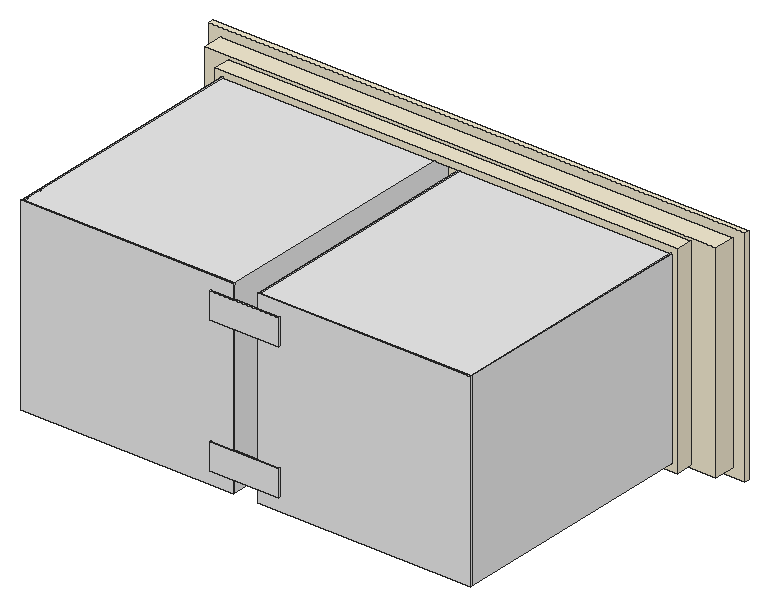
Revit family "4C-3_Door_High_Units_FL.rfa", category Specialty Equipment, host Wall, Revit 2016
Family settings
  Host = Wall
  Part Type = Normal
  Round Connector Dimension = Use Diameter
  Always vertical = Yes
  Cut with Voids When Loaded = No
  Shared = No
  Room Calculation Point = No
Parameters (values of type "3703D-04 FL")
  Width = 31.09766"
  Visible Door Number [instance] = yes
  Vertical Center Divider = yes
  Version = "2.0 (08/09/16)"
  Type Comments = "4C Standard Horizontal Mailbox - Front Loading"
  Top Back Plate = yes
  Right Inside Wall = yes
  Model = "3703D-04 FL"
  MasterFormat Title = "Postal Specialties"
  MasterFormat Number = "10 55 00"
  Manufacturer = "Salsbury Industries"
  Lock Material = Stainless Steel -Salsbury Finish =  Polished
  Left Inside Wall = yes
  Latch Lock - Right Side = no
  Latch Lock - Left Side = no
  Latch Alignment = 14.85742"
  Keynote = ""
  Height = 12.970"
  Front Panel Material [instance] = Aluminum - Salsbury Finish = Sandstone
  Door Slot R3 Number [instance] = "0"
  Door Slot R3 = 3700 Series 4C OM2 Configuration : OM2-FL
  Door Slot R2 Number [instance] = "0"
  Door Slot R2 = 3700 Series 4C Door Configurations : Empty
  Door Slot R1 Number [instance] = "4"
  Door Slot R1 = 3700 Series 4C Door Configurations : MB1 Door
  Door Slot L3 Number [instance] = "3"
  Door Slot L3 = 3700 Series 4C Door Configurations : MB1 Door w/ Divider
  Door Slot L2 Number [instance] = "2"
  Door Slot L2 = 3700 Series 4C Door Configurations : MB1 Door w/ Divider
  Door Slot L1 Number [instance] = "1"
  Door Slot L1 = 3700 Series 4C Door Configurations : MB1 Door
  Description = "3 Door High Unit: 4 MB1, OM2"
  Depth = 17.025"
  Center Extrusion Offset [instance] = 0.000"
  Bottom Back Plate = yes
  Back Enclosure Material = Aluminum - Salsbury Finish = Anodized
  Assembly Code = "C1030910"
  Above Finished Floor (AFF-Bottom of Unit) [instance] = 26.683"
  Above Finished Floor (AFF-Bottom of Door) [instance] = 28.000"
Reference planes (in)
  plane 1 "Wall Centerline": y = 0
  plane 2 "Center (Left/Right)": x = 0
  plane 3 "Front": y = 3
  plane 4 "15" AFF": z = 28
  plane 5 "28" AFF": z = 28
  plane 6 "36" AFF": z = 36
  plane 7 "48" AFF": z = 48
  plane 8 "Bottom of Unit": z = 26.683
  plane 9 "Top of Unit": z = 39.653
  plane 10 "Left Side of Unit": x = 15.54883
  plane 11 "Right Side of Unit": x = -15.54883
  plane 12 "28" AFF_Bottom of Unit": z = 26.683
  plane 13 "Top Horiz Trim Align": z = 38.82225
  plane 14 "Bottom Horiz Trim Align": z = 27.515
  plane 15 "Left Trim Align": x = 14.716
  plane 16 "Right Trim Align": x = -14.716
  plane 17 "Left Door Align": x = 14.06641
  plane 18 "Right Door Align": x = -14.06641
  plane 19 "Top Horiz Door Align": z = 38.23125
  plane 20 "Bottom Horiz Door Align": z = 28
  plane 21 "Front Face of Unit": y = 3.265
  plane 22 "Top Housing Align": z = 39.149
  plane 23 "Top Collar Align": z = 39.001
  plane 24 "Top Box Align": z = 38.646
  plane 25 "Vertical Housing Align": y = 1.795
  plane 26 "Vertical Collar Align": y = 0.795
  plane 27 "Back of Unit": y = -13.76
  plane 28 "Bottom Housing Align": z = 27.187
  plane 29 "Bottom Collar Align": z = 27.335
  plane 30 "Bottom Box Align": z = 27.75
  plane 31 "Door Alignment": y = 2.66809
  plane 32 "Right Housing Align": x = -14.84183
  plane 33 "Right Collar Align": x = -13.40883
  plane 34 "Right Box Side Align": x = -13.08083
  plane 35 "Left Housing Align": x = 14.84183
  plane 36 "Left Collar Align": x = 13.40883
  plane 37 "Left Side Box Align": x = 13.08083
  plane 38 "Top Back Plate Align": z = 37.867
  plane 39 "Back": y = -3
  plane 40 "RO Left Side": x = 15.17383
  plane 41 "RO Right Side": x = -15.17383
  plane 42 "RO Bottom": z = 27.058
  plane 43 "RO Top": z = 39.278
  plane 44 "Horiz Centerline": z = 42.04237
  plane 45: x = 12.99983
  plane 46: x = 12.92758
  plane 47 "Center Extrusion": x = 0
  plane 48 "Center Extrusion Offset": x = 0
  plane 49 "Row 3 Top Align": z = 31.5
  plane 50 "Row 2 Top Align": z = 35
  plane 51 "Top of base shelf": z = 28.41625
  plane 52 "base shelf void": z = 28.23439
  plane 53: z = 29.999
  plane 54: z = 28.499
  plane 55 "bottom of base shelf": z = 27.88469
  plane 56 "Right Latch Align": x = -0.69141
  plane 57 "Left Latch Align": x = 0.69141
  plane 58 "Center Latch Align": z = 33.3
Forms (in)
  Extrusion 1, void
    sketch origin (0, 3, 0) x (1, 0, 0) y (0, 0, 1)
      loop
        line (15.17383, 39.278) -> (-15.17383, 39.278) -> (-15.17383, 27.058) -> (15.17383, 27.058) -> (15.17383, 39.278)
    from 0 to 15.27914
  Extrusion 2, solid, material "Aluminum - Salsbury Finish = Sandstone" <- "Front Panel Material"
    sketch origin (0, 3, 0) x (1, 0, 0) y (0, 0, 1)
      loop
        line (15.54883, 39.653) -> (-15.54883, 39.653) -> (-15.54883, 26.683) -> (15.54883, 26.683) -> (15.54883, 39.653)
    from -0.265 to 0
  Extrusion 3, void
    sketch origin (0, 3.265, 0.00774) x (0, 0, -1) y (-1, 0, 0)
      loop
        line (-38.81451, -14.716) -> (-27.50726, -14.716) -> (-27.50726, 14.716) -> (-38.81451, 14.716) -> (-38.81451, -14.716)
    from -0.265 to 0
  Extrusion 4, solid, material "Aluminum - Salsbury Finish = Sandstone" <- "Front Panel Material"
    sketch origin (14.98214, 3.265, -1.67978) x (0, 0, -1) y (-1, 0, 0)
      loop
        line (-40.50203, 29.69814) -> (-40.50203, 29.04855) -> (-29.19478, 29.04855) -> (-29.19478, 29.69814) -> (-40.50203, 29.69814)
    from 0 to -0.265
  Extrusion 5, solid, material "Aluminum - Salsbury Finish = Sandstone" <- "Front Panel Material"
    sketch origin (0, 3.265, 84.08475) x (0, 0, 1) y (1, 0, 0)
      loop
        line (-56.56975, 14.06641) -> (-56.56975, -14.06641) -> (-56.08475, -14.06641) -> (-56.08475, 14.06641) -> (-56.56975, 14.06641)
    from -0.265 to 0
  Extrusion 6, solid, material "Aluminum - Salsbury Finish = Sandstone" <- "Front Panel Material"
    sketch origin (0, 3, 84.08475) x (1, 0, 0) y (0, 0, 1)
      loop
        line (-14.84183, -56.89775) -> (14.84183, -56.89775) -> (14.84183, -44.93575) -> (-14.84183, -44.93575) -> (-14.84183, -56.89775)
    from 0 to 1.205
  Extrusion 7, solid, material "Aluminum - Salsbury Finish = Sandstone" <- "Front Panel Material"
    sketch origin (0, 1.795, 0) x (0, 0, 1) y (-1, 0, 0)
      loop
        line (27.335, 13.40883) -> (27.335, -13.40883) -> (39.001, -13.40883) -> (39.001, 13.40883) -> (27.335, 13.40883)
    from 0 to 1
  Extrusion 8, void
    sketch origin (0, 1.795, 0) x (0, 0, 1) y (-1, 0, 0)
      loop
        line (38.646, 13.08083) -> (27.75, 13.08083) -> (27.75, -13.08083) -> (38.646, -13.08083) -> (38.646, 13.08083)
    from 0 to 1
  Extrusion 9, solid, material "Aluminum - Salsbury Finish = Sandstone" <- "Front Panel Material"
    sketch origin (0, 3.265, 0) x (0, 0, -1) y (-1, 0, 0)
      loop
        line (-38.82225, -14.716) -> (-27.515, -14.716) -> (-27.515, -14.06641) -> (-38.82225, -14.06641) -> (-38.82225, -14.716)
    from 0 to -0.265
  Extrusion 10, solid, material "Aluminum - Salsbury Finish = Sandstone" <- "Front Panel Material"
    sketch origin (0, 3.265, 0) x (0, 0, -1) y (-1, 0, 0)
      loop
        line (-38.82225, -14.06641) -> (-38.23125, -14.06641) -> (-38.23125, 14.06641) -> (-38.82225, 14.06641) -> (-38.82225, -14.06641)
    from -0.265 to 0
  Extrusion 11, void
    sketch origin (0, 1.795, 0) x (0, 0, 1) y (-1, 0, 0)
      loop
        line (39.001, -13.40883) -> (39.001, 13.40883) -> (27.335, 13.40883) -> (27.335, -13.40883) -> (39.001, -13.40883)
    from -1.124 to 0
  Extrusion 12, void
    sketch origin (0, 3, 0) x (1, 0, 0) y (0, 0, 1)
      loop
        line (14.06641, 39.001) -> (-14.06641, 39.001) -> (-14.06641, 27.335) -> (14.06641, 27.335) -> (14.06641, 39.001)
    from 0 to 0.33191
  Extrusion 13, solid, material "Aluminum - Salsbury Finish = Anodized" <- "Back Enclosure Material"
    sketch origin (-0.54283, 1.795, 0) x (0, 0, 1) y (-1, 0, 0)
      loop
        line (38.646, 12.538) -> (27.75, 12.538) -> (27.75, 12.457) -> (38.646, 12.457) -> (38.646, 12.538)
    from 0 to 15.47297
  Extrusion 14, solid, material "Aluminum - Salsbury Finish = Anodized" <- "Back Enclosure Material", visible <- "Right Inside Wall"
    sketch origin (11.7675, 1.795, 0) x (0, 0, 1) y (-1, 0, 0)
      loop
        line (38.646, 12.538) -> (27.75, 12.538) -> (27.75, 12.457) -> (38.646, 12.457) -> (38.646, 12.538)
    from 0 to 15.47297
  Extrusion 15, solid, material "Aluminum - Salsbury Finish = Anodized" <- "Back Enclosure Material"
    sketch origin (0.54283, 1.795, 0) x (0, 0, 1) y (-1, 0, 0)
      loop
        line (38.646, -12.538) -> (38.646, -12.457) -> (27.75, -12.457) -> (27.75, -12.538) -> (38.646, -12.538)
    from 0 to 15.47297
  Extrusion 16, solid, material "Aluminum - Salsbury Finish = Anodized" <- "Back Enclosure Material", visible <- "Left Inside Wall"
    sketch origin (-11.7675, 1.795, 0) x (0, 0, 1) y (-1, 0, 0)
      loop
        line (38.646, -12.538) -> (38.646, -12.457) -> (27.75, -12.457) -> (27.75, -12.538) -> (38.646, -12.538)
    from 0 to 15.47297
  Extrusion 17, solid, material "Aluminum - Salsbury Finish = Anodized" <- "Back Enclosure Material"
    sketch origin (0, -13.76, 0) x (0, 0, 1) y (-1, 0, 0)
      loop
        line (38.646, 13.08083) -> (27.75, 13.08083) -> (27.75, -13.08083) -> (38.646, -13.08083) -> (38.646, 13.08083)
    from -0.08203 to 0
  Extrusion 18, solid, material "Aluminum - Salsbury Finish = Anodized" <- "Back Enclosure Material"
    sketch origin (0, 0, 38.646) x (0, 1, 0) y (-1, 0, 0)
      loop
        line (1.795, 12.99983) -> (-13.67797, 12.99983) -> (-13.67797, -12.99983) -> (1.795, -12.99983) -> (1.795, 12.99983)
    from -0.35871 to 0
  Extrusion 19, void
    sketch origin (0, 0, 38.646) x (0, 1, 0) y (-1, 0, 0)
      loop
        line (1.7325, 12.93342) -> (-13.61547, 12.93342) -> (-13.61547, -12.92758) -> (1.7325, -12.92758) -> (1.7325, 12.93342)
    from -0.0723 to -0.6459
  Extrusion 20, solid, material "Aluminum - Salsbury Finish = Anodized" <- "Back Enclosure Material"
    sketch origin (0, 0, 27.88469) x (-1, 0, 0) y (0, -1, 0)
      loop
        line (12.99983, -1.795) -> (12.99983, 13.67797) -> (-12.99983, 13.67797) -> (-12.99983, -1.795) -> (12.99983, -1.795)
    from 0.53156 to 0
  Extrusion 21, void
    sketch origin (0, 0, 27.88469) x (-1, 0, 0) y (0, -1, 0)
      loop
        line (12.93342, -1.7325) -> (12.93342, 13.61547) -> (-12.92758, 13.61547) -> (-12.92758, -1.7325) -> (12.93342, -1.7325)
    from 0.3497 to 0
  Extrusion 22, solid, material "Aluminum - Salsbury Finish = Anodized" <- "Back Enclosure Material", visible <- "Top Back Plate"
    sketch origin (0, -13.76, 0) x (0, 0, 1) y (-1, 0, 0)
      loop
        line (37.867, 2) -> (36.367, 2) -> (36.367, -2) -> (37.867, -2) -> (37.867, 2)
    from 0 to 0.08203
  Extrusion 23, solid, material "Aluminum - Salsbury Finish = Anodized" <- "Back Enclosure Material", visible <- "Bottom Back Plate"
    sketch origin (0, -13.76, 84.11475) x (0, 0, -1) y (1, 0, 0)
      loop
        line (55.61575, -2) -> (55.61575, 2) -> (54.11575, 2) -> (54.11575, -2) -> (55.61575, -2)
    from 0 to 0.08203
  Extrusion 24, void
    sketch origin (0, 0, 0) x (0, 0, 1) y (0, 1, 0)
      loop
        line (38.646, 1.795) -> (38.82225, 1.795) -> (38.82225, 3.265) -> (27.515, 3.265) -> (27.515, 1.795) -> (27.75, 1.795) -> (27.75, -13.76) -> (38.646, -13.76) -> (38.646, 1.795)
    from -0.69141 to 0.69141
  Extrusion 25, solid, material "Aluminum - Salsbury Finish = Sandstone" <- "Front Panel Material", visible <- "Vertical Center Divider"
    sketch origin (-0.77934, 3.265, 0) x (0, 0, -1) y (-1, 0, 0)
      loop
        line (-38.82225, -1.47075) -> (-27.515, -1.47075) -> (-27.515, -0.08794) -> (-38.82225, -0.08794) -> (-38.82225, -1.47075)
    from 0 to -1.47
Cuts and joins
  Extrusion 3, Extrusion 11, Extrusion 24 cuts Extrusion 2
  Extrusion 8, Extrusion 11, Extrusion 12, Extrusion 24 cuts Extrusion 5
  Extrusion 8, Extrusion 12, Extrusion 19, Extrusion 24 cuts Extrusion 7
  Extrusion 11, Extrusion 12, Extrusion 24 cuts Extrusion 10
  Extrusion 11, Extrusion 12 cuts Extrusion 6
  Extrusion 12 cuts Extrusion 4
  Extrusion 12 cuts Extrusion 9
  Extrusion 19, Extrusion 21, Extrusion 24 cuts Extrusion 18
  Extrusion 21, Extrusion 24 cuts Extrusion 20
  Extrusion 24 cuts Extrusion 17
  Extrusion 24 cuts Extrusion 22
  Extrusion 24 cuts Extrusion 23
Lines and regions (in)
  model lines
    curve 1: line (15.54883, 3.265, 39.653) -> (14.716, 3.265, 38.82017)
    curve 2: line (-15.54883, 3.265, 39.653) -> (-14.716, 3.265, 38.82017)
    curve 3: line (-15.54883, 3.265, 26.683) -> (-14.716, 3.265, 27.51583)
    curve 4: line (15.54883, 3.265, 26.683) -> (14.716, 3.265, 27.51583)
  reference lines
    curve 5: line (-14.06641, 2.66809, 25.683) -> (-14.06641, 2.66809, 43.93425)
    curve 6: line (14.06641, 2.66809, 26.183) -> (14.06641, 2.66809, 43.93425)
Text (in)
  text "Placement Side" at (0, 40.15149, 123.01588), in view "Right"
  text "Placement Side" at (-58.6842, 42.74981, 0), in view "Ref. Level"
  text "Placement Side" at (0, 47.49176, 140.59947), in view "Left"
Dimensions and locks (in)
  locked: plane 3 "Front" to host wall
  "Above Finished Floor (AFF-Bottom of Door)": level to plane 4 "15" AFF"
  locked: level to plane 5 "28" AFF" at 28
  locked: level to plane 6 "36" AFF" at 36
  locked: level to plane 7 "48" AFF" at 48
  equal spacing: plane 11 "Right Side of Unit", plane 2 "Center (Left/Right)", plane 10 "Left Side of Unit"
  plane 8 "Bottom of Unit" to plane 4 "15" AFF" = 1.317"
  "Width": plane 11 "Right Side of Unit" to plane 10 "Left Side of Unit"
  "Height": plane 8 "Bottom of Unit" to plane 9 "Top of Unit"
  plane 12 "28" AFF_Bottom of Unit" to plane 5 "28" AFF" = 1.317"
  locked: plane 15 "Left Trim Align" to plane 10 "Left Side of Unit" at 0.83283
  locked: plane 16 "Right Trim Align" to plane 11 "Right Side of Unit" at 0.83283
  locked: plane 13 "Top Horiz Trim Align" to plane 9 "Top of Unit" at 0.83075
  locked: plane 8 "Bottom of Unit" to plane 14 "Bottom Horiz Trim Align" at 0.832
  plane 17 "Left Door Align" to plane 15 "Left Trim Align" = 0.64959"
  plane 18 "Right Door Align" to plane 16 "Right Trim Align" = 0.64959"
  locked: plane 19 "Top Horiz Door Align" to plane 13 "Top Horiz Trim Align" at 0.591
  locked: plane 14 "Bottom Horiz Trim Align" to plane 20 "Bottom Horiz Door Align" at 0.485
  plane 20 "Bottom Horiz Door Align" to level = 28.000"
  plane 5 "28" AFF" to level = 28.000"
  plane 6 "36" AFF" to level = 36.000"
  plane 7 "48" AFF" to level = 48.000"
  plane 9 "Top of Unit" to plane 8 "Bottom of Unit" = 12.970"
  plane 21 "Front Face of Unit" to host wall = 0.265"
  locked: host wall to plane 25 "Vertical Housing Align" at 1.205
  locked: plane 25 "Vertical Housing Align" to plane 26 "Vertical Collar Align" at 1
  plane 25 "Vertical Housing Align" to plane 27 "Back of Unit" = 15.555"
  "Depth": plane 21 "Front Face of Unit" to plane 27 "Back of Unit"
  locked: plane 9 "Top of Unit" to plane 22 "Top Housing Align" at 0.504
  locked: plane 22 "Top Housing Align" to plane 23 "Top Collar Align" at 0.148
  locked: plane 23 "Top Collar Align" to plane 24 "Top Box Align" at 0.355
  locked: plane 28 "Bottom Housing Align" to plane 8 "Bottom of Unit" at 0.504
  locked: plane 29 "Bottom Collar Align" to plane 28 "Bottom Housing Align" at 0.148
  locked: plane 30 "Bottom Box Align" to plane 29 "Bottom Collar Align" at 0.415
  plane 24 "Top Box Align" to plane 30 "Bottom Box Align" = 10.896"  (x2)
  locked: plane 21 "Front Face of Unit" to plane 31 "Door Alignment" at 0.59691
  plane 11 "Right Side of Unit" to plane 32 "Right Housing Align" to plane 33 "Right Collar Align" to plane 34 "Right Box Side Align" = 0.707" locked, 1.433" locked, 0.328" locked
  plane 37 "Left Side Box Align" to plane 36 "Left Collar Align" to plane 35 "Left Housing Align" to plane 10 "Left Side of Unit" = 0.328" locked, 1.433" locked, 0.707" locked
  plane 11 "Right Side of Unit" to plane 32 "Right Housing Align" to plane 33 "Right Collar Align" to plane 34 "Right Box Side Align" = 0.707", 1.433", 0.328"
  plane 37 "Left Side Box Align" to plane 36 "Left Collar Align" to plane 35 "Left Housing Align" to plane 10 "Left Side of Unit" = 0.328", 1.433", 0.707"
  plane 9 "Top of Unit" to plane 24 "Top Box Align" = 1.007"
  plane 30 "Bottom Box Align" to plane 8 "Bottom of Unit" = 1.067"
  locked: plane 24 "Top Box Align" to plane 38 "Top Back Plate Align" at 0.779
  locked: plane 40 "RO Left Side" to plane 10 "Left Side of Unit" at 0.375
  locked: plane 41 "RO Right Side" to plane 11 "Right Side of Unit" at 0.375
  locked: plane 8 "Bottom of Unit" to plane 42 "RO Bottom" at 0.375
  locked: plane 43 "RO Top" to plane 9 "Top of Unit" at 0.375
  Extrusion 13 to Extrusion 13 = 0.081"
  Extrusion 15 to Extrusion 15 = 0.081"
  plane 45 to plane 37 "Left Side Box Align" = 0.081"
  plane 46 to plane 45 = 0.07225"
  plane 18 "Right Door Align" to plane 17 "Left Door Align" = 28.13281"
  "Center Extrusion Offset": plane 47 "Center Extrusion" to plane 48 "Center Extrusion Offset"
  plane 20 "Bottom Horiz Door Align" to plane 49 "Row 3 Top Align" to plane 50 "Row 2 Top Align" = 3.500" locked, 3.500" locked
  plane 51 "Top of base shelf" to plane 52 "base shelf void" to plane 55 "bottom of base shelf" to plane 30 "Bottom Box Align" = 0.18186" locked, 0.3497" locked, 0.13469" locked
  plane 53 to plane 54 to plane 8 "Bottom of Unit" = 1.500" locked, 1.816" locked
  "Above Finished Floor (AFF-Bottom of Unit)": level to plane 8 "Bottom of Unit"
  locked: plane 56 "Right Latch Align" to plane 57 "Left Latch Align" at 1.38281
  plane 58 "Center Latch Align" to plane 30 "Bottom Box Align" = 5.550"
  "Latch Alignment": plane 11 "Right Side of Unit" to plane 56 "Right Latch Align"
  aligned and locked: plane 8 "Bottom of Unit" to Extrusion 2 sketch curve
  aligned and locked: plane 10 "Left Side of Unit" to Extrusion 2 sketch curve
  aligned and locked: Extrusion 2 sketch curve to plane 11 "Right Side of Unit"
  aligned and locked: Extrusion 2 sketch curve to plane 9 "Top of Unit"
  aligned and locked: plane 21 "Front Face of Unit" to Extrusion 2
  aligned and locked: Extrusion 4 to plane 16 "Right Trim Align"
  aligned and locked: plane 18 "Right Door Align" to Extrusion 4
  aligned and locked: plane 13 "Top Horiz Trim Align" to Extrusion 4
  aligned and locked: Extrusion 5 to plane 14 "Bottom Horiz Trim Align"
  aligned and locked: Extrusion 5 to plane 17 "Left Door Align"
  aligned and locked: plane 20 "Bottom Horiz Door Align" to Extrusion 5
  aligned and locked: Extrusion 5 to plane 18 "Right Door Align"
  aligned and locked: plane 34 "Right Box Side Align" to Extrusion 17 sketch curve
  aligned and locked: Extrusion 17 sketch curve to plane 24 "Top Box Align"
  aligned and locked: Extrusion 17 sketch curve to plane 37 "Left Side Box Align"
  aligned and locked: plane 30 "Bottom Box Align" to Extrusion 17 sketch curve
  aligned and locked: plane 25 "Vertical Housing Align" to Extrusion 18 sketch curve
  aligned and locked: Extrusion 18 sketch curve to plane 45
  aligned and locked: plane 46 to Extrusion 19
  aligned and locked: plane 45 to cut or joined group of Extrusion 18, Extrusion 19, Extrusion 21, Extrusion 24
  aligned and locked: plane 25 "Vertical Housing Align" to Extrusion 20 sketch curve
  aligned and locked: Extrusion 20 sketch curve to plane 45
  aligned and locked: plane 46 to cut or joined group of Extrusion 20, Extrusion 21, Extrusion 24
  aligned and locked: plane 17 "Left Door Align" to cut or joined group of Extrusion 9, Extrusion 12
  aligned and locked: plane 25 "Vertical Housing Align" to Extrusion 25
  aligned and locked: plane 21 "Front Face of Unit" to Extrusion 25
  aligned and locked: nested 4 to plane 17 "Left Door Align"
  aligned and locked: plane 31 "Door Alignment" to nested 4  (x2)
  aligned and locked: nested 5 to plane 17 "Left Door Align"
  aligned and locked: plane 31 "Door Alignment" to nested 5  (x2)
  aligned and locked: nested 3 to curve 5
  aligned and locked: nested 6 to curve 6
  aligned and locked: nested 5 to curve 6
  aligned and locked: nested 4 to curve 6
  aligned and locked: plane 31 "Door Alignment" to nested 3
  aligned and locked: plane 31 "Door Alignment" to nested 6
  aligned and locked: plane 31 "Door Alignment" to nested 2
  aligned and locked: nested 1 to curve 5
  aligned and locked: nested 2 to curve 5
  aligned and locked: plane 31 "Door Alignment" to nested 1
  aligned and locked: cut or joined group of Extrusion 23, Extrusion 24 to plane 54
  aligned and locked: plane 51 "Top of base shelf" to cut or joined group of Extrusion 20, Extrusion 21, Extrusion 24
  aligned and locked: cut or joined group of Extrusion 20, Extrusion 21, Extrusion 24 to plane 55 "bottom of base shelf"
  aligned and locked: plane 20 "Bottom Horiz Door Align" to nested 3
  aligned and locked: plane 20 "Bottom Horiz Door Align" to nested 6
  aligned and locked: plane 49 "Row 3 Top Align" to nested 2
  aligned and locked: plane 49 "Row 3 Top Align" to nested 5
  aligned and locked: plane 50 "Row 2 Top Align" to nested 1
  aligned and locked: plane 50 "Row 2 Top Align" to nested 4
  aligned and locked: nested 8 to plane 27 "Back of Unit"
  aligned and locked: nested 7 to plane 27 "Back of Unit"
  aligned and locked: plane 58 "Center Latch Align" to nested 8
  aligned and locked: plane 58 "Center Latch Align" to nested 7
  aligned and locked: plane 56 "Right Latch Align" to nested 7
  aligned and locked: plane 57 "Left Latch Align" to nested 8
Automatic sketch dimensions
  Extrusion 1 sketch curve to plane 41 "RO Right Side" = 0.000"
  plane 40 "RO Left Side" to Extrusion 1 sketch curve = 0.000"
  Extrusion 1 sketch curve to plane 42 "RO Bottom" = 0.000"
  Extrusion 1 sketch curve to plane 43 "RO Top" = 0.000"
  Extrusion 6 sketch curve to plane 22 "Top Housing Align" = 0.000"
  Extrusion 6 sketch curve to plane 32 "Right Housing Align" = 0.000"
  Extrusion 6 sketch curve to plane 35 "Left Housing Align" = 0.000"
  Extrusion 6 sketch curve to plane 28 "Bottom Housing Align" = 0.000"
  Extrusion 7 sketch curve to plane 29 "Bottom Collar Align" = 0.000"
  Extrusion 7 sketch curve to plane 23 "Top Collar Align" = 0.000"
  plane 36 "Left Collar Align" to Extrusion 7 sketch curve = 0.000"
  Extrusion 7 sketch curve to plane 33 "Right Collar Align" = 0.000"
  Extrusion 8 sketch curve to plane 30 "Bottom Box Align" = 0.000"
  Extrusion 8 sketch curve to plane 24 "Top Box Align" = 0.000"
  Extrusion 8 sketch curve to plane 37 "Left Side Box Align" = 0.000"
  plane 34 "Right Box Side Align" to Extrusion 8 sketch curve = 0.000"
  Extrusion 11 sketch curve to plane 29 "Bottom Collar Align" = 0.000"
  Extrusion 11 sketch curve to plane 23 "Top Collar Align" = 0.000"
  plane 36 "Left Collar Align" to Extrusion 11 sketch curve = 0.000"
  plane 33 "Right Collar Align" to Extrusion 11 sketch curve = 0.000"
  Extrusion 13 sketch curve to plane 30 "Bottom Box Align" = 0.000"
  Extrusion 13 sketch curve to plane 24 "Top Box Align" = 0.000"
  plane 34 "Right Box Side Align" to Extrusion 13 sketch curve = 0.000"
  Extrusion 13 sketch curve to Extrusion 13 sketch curve = 0.081"
  Extrusion 15 sketch curve to plane 30 "Bottom Box Align" = 0.000"
  Extrusion 15 sketch curve to plane 24 "Top Box Align" = 0.000"
  plane 37 "Left Side Box Align" to Extrusion 15 sketch curve = 0.000"
  plane 37 "Left Side Box Align" to Extrusion 15 sketch curve = 0.081"
  Extrusion 18 sketch curve to plane 27 "Back of Unit" = 0.08203"
  plane 34 "Right Box Side Align" to Extrusion 18 sketch curve = 0.081"
  curve 2 to plane 9 "Top of Unit" = 0.000"
  curve 1 to plane 9 "Top of Unit" = 0.000"
  curve 2 to plane 16 "Right Trim Align" = 0.000"
  plane 15 "Left Trim Align" to curve 1 = 0.000"
  curve 3 to plane 16 "Right Trim Align" = 0.000"
  plane 15 "Left Trim Align" to curve 4 = 0.000"
  curve 4 to plane 8 "Bottom of Unit" = 0.000"
  curve 3 to plane 8 "Bottom of Unit" = 0.000"
  plane 10 "Left Side of Unit" to curve 4 = 0.000"
  plane 10 "Left Side of Unit" to curve 1 = 0.000"
  plane 11 "Right Side of Unit" to curve 3 = 0.000"
  plane 11 "Right Side of Unit" to curve 2 = 0.000"
  curve 2 to plane 13 "Top Horiz Trim Align" = 0.00208"
  curve 1 to plane 13 "Top Horiz Trim Align" = 0.00208"
  plane 14 "Bottom Horiz Trim Align" to curve 3 = 0.00083"
  plane 14 "Bottom Horiz Trim Align" to curve 4 = 0.00083"
  Extrusion 3 sketch curve to plane 13 "Top Horiz Trim Align" = 0.000"
  Extrusion 3 sketch curve to plane 14 "Bottom Horiz Trim Align" = 0.000"
  plane 15 "Left Trim Align" to Extrusion 3 sketch curve = 0.000"
  Extrusion 3 sketch curve to plane 16 "Right Trim Align" = 0.000"
  plane 13 "Top Horiz Trim Align" to Extrusion 4 sketch curve = 0.000"
  plane 14 "Bottom Horiz Trim Align" to Extrusion 4 sketch curve = 0.000"
  Extrusion 4 sketch curve to plane 16 "Right Trim Align" = 0.000"
  Extrusion 4 sketch curve to plane 18 "Right Door Align" = 0.000"
  Extrusion 5 sketch curve to plane 14 "Bottom Horiz Trim Align" = 0.000"
  Extrusion 5 sketch curve to plane 4 "15" AFF" = 0.000"
  plane 17 "Left Door Align" to Extrusion 5 sketch curve = 0.000"
  Extrusion 5 sketch curve to plane 18 "Right Door Align" = 0.000"
  Extrusion 9 sketch curve to plane 13 "Top Horiz Trim Align" = 0.000"
  Extrusion 9 sketch curve to plane 14 "Bottom Horiz Trim Align" = 0.000"
  plane 15 "Left Trim Align" to Extrusion 9 sketch curve = 0.000"
  plane 17 "Left Door Align" to Extrusion 9 sketch curve = 0.000"
  Extrusion 10 sketch curve to plane 13 "Top Horiz Trim Align" = 0.000"
  plane 17 "Left Door Align" to Extrusion 10 sketch curve = 0.000"
  Extrusion 10 sketch curve to plane 18 "Right Door Align" = 0.000"
  Extrusion 10 sketch curve to plane 19 "Top Horiz Door Align" = 0.000"
  Extrusion 12 sketch curve to plane 18 "Right Door Align" = 0.000"
  plane 17 "Left Door Align" to Extrusion 12 sketch curve = 0.000"
  Extrusion 12 sketch curve to plane 29 "Bottom Collar Align" = 0.000"
  Extrusion 12 sketch curve to plane 23 "Top Collar Align" = 0.000"
  Extrusion 14 sketch curve to plane 30 "Bottom Box Align" = 0.000"
  Extrusion 14 sketch curve to plane 24 "Top Box Align" = 0.000"
  Extrusion 14 sketch curve to plane 2 "Center (Left/Right)" = 0.6895"
  Extrusion 14 sketch curve to Extrusion 14 sketch curve = 0.081"
  Extrusion 16 sketch curve to plane 30 "Bottom Box Align" = 0.000"
  Extrusion 16 sketch curve to plane 24 "Top Box Align" = 0.000"
  Extrusion 16 sketch curve to plane 2 "Center (Left/Right)" = 0.6895"
  Extrusion 16 sketch curve to Extrusion 16 sketch curve = 0.081"
  Extrusion 19 sketch curve to plane 46 = 0.000"
  Extrusion 19 sketch curve to plane 27 "Back of Unit" = 0.14453"
  plane 25 "Vertical Housing Align" to Extrusion 19 sketch curve = 0.0625"
  plane 34 "Right Box Side Align" to Extrusion 19 sketch curve = 0.14741"
  Extrusion 22 sketch curve to plane 38 "Top Back Plate Align" = 0.000"
  plane 38 "Top Back Plate Align" to Extrusion 22 sketch curve = 1.500"
  plane 2 "Center (Left/Right)" to Extrusion 22 sketch curve = 2.000"
  Extrusion 22 sketch curve to plane 2 "Center (Left/Right)" = 2.000"
  Extrusion 23 sketch curve to plane 2 "Center (Left/Right)" = 2.000"
  plane 2 "Center (Left/Right)" to Extrusion 23 sketch curve = 2.000"
  Extrusion 24 sketch curve to plane 14 "Bottom Horiz Trim Align" = 0.000"
  Extrusion 24 sketch curve to plane 25 "Vertical Housing Align" = 0.000"  (x2)
  Extrusion 24 sketch curve to plane 30 "Bottom Box Align" = 0.000"
  Extrusion 24 sketch curve to plane 24 "Top Box Align" = 0.000"
  Extrusion 24 sketch curve to plane 13 "Top Horiz Trim Align" = 0.000"
  Extrusion 24 sketch curve to plane 27 "Back of Unit" = 0.000"
  Extrusion 24 sketch curve to plane 21 "Front Face of Unit" = 0.000"
  Extrusion 25 sketch curve to plane 13 "Top Horiz Trim Align" = 0.000"
  Extrusion 25 sketch curve to plane 14 "Bottom Horiz Trim Align" = 0.000"
  plane 2 "Center (Left/Right)" to Extrusion 25 sketch curve = 0.69141"
  Extrusion 25 sketch curve to plane 2 "Center (Left/Right)" = 0.69141"
  curve 5 to plane 18 "Right Door Align" = 0.000"
  plane 17 "Left Door Align" to curve 6 = 0.000"
  curve 5 to plane 8 "Bottom of Unit" = 1.000"
  curve 6 to plane 8 "Bottom of Unit" = 0.500"
  plane 9 "Top of Unit" to curve 6 = 4.28125"
  plane 9 "Top of Unit" to curve 5 = 4.28125"
  Extrusion 23 sketch curve to plane 4 "15" AFF" = 0.499"
  Extrusion 23 sketch curve to Extrusion 23 sketch curve = 1.500"
  plane 34 "Right Box Side Align" to Extrusion 20 sketch curve = 0.081"
  Extrusion 20 sketch curve to plane 27 "Back of Unit" = 0.08203"
  Extrusion 21 sketch curve to plane 46 = 0.000"
  plane 34 "Right Box Side Align" to Extrusion 21 sketch curve = 0.14741"
  plane 25 "Vertical Housing Align" to Extrusion 21 sketch curve = 0.0625"
  Extrusion 21 sketch curve to plane 27 "Back of Unit" = 0.14453"
Nested families (in)
  nested 1: "3700 Series 4C Door Configurations" at (-7.37891, 2.79505, 35) x (-1, 0, 0) z (0, 0, 1), type <- "Door Slot R1", Door Number <- "Door Slot R1 Number", type "MB1 Door"
    with Door Number "4"
  nested 2: "3700 Series 4C Door Configurations" at (-7.37891, 2.79505, 31.5) x (-1, 0, 0) z (0, 0, 1), type <- "Door Slot R2", Door Number <- "Door Slot R2 Number", type "Empty"
    with Door Number "0"
  nested 3: "3700 Series 4C OM2 Configuration" at (-7.37891, 2.79505, 28) x (-1, 0, 0) z (0, 0, 1), type <- "Door Slot R3", Door Number <- "Door Slot R3 Number", type "OM2-FL"
    with Door Number "0"
  nested 4: "3700 Series 4C Door Configurations" at (7.37891, 2.79505, 35) x (-1, 0, 0) z (0, 0, 1), type <- "Door Slot L1", Door Number <- "Door Slot L1 Number", type "MB1 Door"
    with Door Number "1"
  nested 5: "3700 Series 4C Door Configurations" at (7.37891, 2.79505, 31.5) x (-1, 0, 0) z (0, 0, 1), type <- "Door Slot L2", Door Number <- "Door Slot L2 Number", type "MB1 Door w/ Divider"
    with Door Number "2"
  nested 6: "3700 Series 4C Door Configurations" at (7.37891, 2.79505, 28) x (-1, 0, 0) z (0, 0, 1), type <- "Door Slot L3", Door Number <- "Door Slot L3 Number", type "MB1 Door w/ Divider"
    with Door Number "3"
  nested 7: "4C Latch Lock-Right" at (-1.81641, -13.882, 32.6125) x (-1, 0, 0) z (0, 0, 1), type "Lock Latch"
    with Visible Latch no
  nested 8: "4C Latch Lock-Left" at (1.81641, -13.882, 32.6125) x (-1, 0, 0) z (0, 0, 1), type "Lock Latch"
    with Visible Latch no
Definition of nested family "3700 Series 4C Door Configurations"
  Parameters (values of type "MB1 Door w/ Divider")
    Weight = "5 lbs."
    Visible Door Number = yes
    URL = ""
    Model = "3700MB1"
    Manufacturer = "Salsbury Industries"
    Lock Material = none
    Inset Offset = 0.000"
    Front Panel Material = none
    Door Width = 13.375"
    Door Visibility-MB1 = yes
    Door Number [instance] = "101"
    Door Lock = yes
    Door Height = 3.23047"
    Door Divider = yes
    Door Depth = 0.25391"
    Description = "MB1 Door for 3700 Series 4C Mailboxes"
    Cost = 0
    Center Lock-Vertical = 0.875"
    Center Lock-Horizontal = 1.61523"
  Types (11): name | Weight | Visible Door Number | Model | Inset Offset | Door Visibility-MB1 | Door Lock | Door Height | Door Divider | Description
    MB1 Door w/ Divider | "5 lbs." | yes | "3700MB1" | 0.000" | yes | yes | 3.23047" | yes | "MB1 Door for 3700 Series 4C Mailboxes"
    MB1 Door | "5 lbs." | yes | "3700MB1" | 0.000" | yes | yes | 3.23047" | no | "MB1 Door for 3700 Series 4C Mailboxes"
    MB2 Door | "10 lbs." | yes | "3700MB2" | 0.000" | yes | yes | 6.73047" | no | "MB2 Door for 3700 Series 4C Mailboxes"
    MB2 Door w/ Divider | "10 lbs." | yes | "3700MB2" | 0.000" | yes | yes | 6.73047" | yes | "MB2 Door for 3700 Series 4C Mailboxes"
    MB3 Door | "15 lbs." | yes | "3700MB3" | 0.000" | yes | yes | 10.23047" | no | "MB3 Door for 3700 Series 4C Mailboxes"
    MB3 Door w/ Divider | "15 lbs." | yes | "3700MB3" | 0.000" | yes | yes | 10.23047" | yes | "MB3 Door for 3700 Series 4C Mailboxes"
    MB4 Door | "20 lbs." | yes | "3700MB4" | 0.000" | yes | yes | 13.73047" | no | "MB4 Door for 3700 Series 4C Mailboxes"
    MB4 Door w/ Divider | "20 lbs." | yes | "3700MB4" | 0.000" | yes | yes | 13.73047" | yes | "MB4 Door for 3700 Series 4C Mailboxes"
    Blank Door | "5 lbs." | no | "3700MB1" | 0.18359" | yes | no | 3.23047" | no | "MB1 Door for 3700 Series 4C Mailboxes"
    Blank Door w/ Divider | "5 lbs." | no | "3700MB1" | 0.18402" | yes | no | 3.23047" | yes | "MB1 Door for 3700 Series 4C Mailboxes"
    Empty | "5 lbs." | no | "Empty MB1" | 0.18359" | no | no | 3.23047" | no | "Empty MB1 Door for 3700 Series 4C Mailboxes"
  Reference planes (in)
    plane 1 "Center (Front/Back)": y = 0
    plane 2 "Bottom of Door": z = 0
    plane 3 "Center (Left/Right)": x = 0
    plane 4 "Left Side Face of Door": x = -6.6875
    plane 5 "Right Side Face of Door": x = 6.6875
    plane 6 "Back Face of Door": y = 0.12695
    plane 7 "Front Face of Door": y = -0.12695
    plane 8: z = 3.23047
    plane 9: z = 1.61523
    plane 10 "Face of Divider": y = -0.46995
    plane 11 "Center Lock Vertical": x = -5.8125
    plane 12 "Center Lock Horizontal": z = 1.61523
    plane 13 "Face of Lock": y = -0.42383
    plane 14 "Divider Height Align": z = 3.50047
    plane 15 "Inset Center": x = -0.0975
    plane 16 "Inset Offset": y = -0.12695
    plane 17: z = 1.99038
    plane 18: z = 1.24072
  Forms (in)
    Extrusion 1, solid, material <- "Front Panel Material", visible <- "Door Visibility-MB1"
      sketch origin (0, 0, 0) x (1, 0, 0) y (0, 1, 0)
        loop
          line (-6.4355, 0.12695) -> (-6.6875, -0.05445) -> (-6.6875, -0.12695) -> (6.05625, -0.12695)
          arc (6.05625, -0.12695) -> (6.19558, -0.17661) -> (6.27209, -0.3032) r 0.22029
          arc (6.27209, -0.3032) -> (6.3553, -0.42132) -> (6.4925, -0.46664) r 0.23034
          arc (6.4925, -0.46664) -> (6.63039, -0.40952) -> (6.6875, -0.27164) r 0.195
          line (6.6875, -0.27164) -> (6.6875, 0.12695) -> (-6.4355, 0.12695)
      from 0 to 3.23047
    Blend 2, solid, material <- "Lock Material", visible <- "Door Lock"
      base sketch origin (0, -0.12695, 0) x (-1, 0, 0) y (0, 0, 1)
        loop
          circle (5.8125, 1.61523) r 0.525
      top sketch origin (0, -0.12695, 0) x (-1, 0, 0) y (0, 0, 1)
        loop
          circle (5.8125, 1.61523) r 0.485
      from 0 to -0.29688
    Extrusion 3, solid, material <- "Front Panel Material", visible <- "Door Divider"
      sketch origin (0, 0, 3.50047) x (-1, 0, 0) y (0, -1, 0)
        loop
          line (6.6875, -0.12695) -> (6.6875, 0.46995) -> (-6.6875, 0.46995) -> (-6.6875, -0.12695) -> (6.6875, -0.12695)
      from -0.27 to 0
    Extrusion 4, void
      sketch origin (0, -0.42383, 0) x (1, 0, 0) y (0, 0, 1)
        loop
          circle (-5.8125, 1.49523) r 0.285
      from 0 to -0.01562
    Extrusion 5, void
      sketch origin (0, -0.42383, 0) x (1, 0, 0) y (0, 0, 1)
        loop
          line (-5.84183, 1.62353) -> (-5.84183, 1.32353) -> (-5.78183, 1.32353) -> (-5.78183, 1.62353) -> (-5.84183, 1.62353)
      from 0 to -0.03906
    Extrusion 6, void
      sketch origin (0, -0.12695, 0) x (0, 0, 1) y (-1, 0, 0)
        loop
          arc (2.36523, 0.8475) -> (2.32862, 0.93589) -> (2.24023, 0.9725) r 0.125
          line (2.24023, 0.9725) -> (0.99023, 0.9725)
          arc (0.99023, 0.9725) -> (0.90185, 0.93589) -> (0.86523, 0.8475) r 0.125
          line (0.86523, 0.8475) -> (0.86523, -0.6525)
          arc (0.86523, -0.6525) -> (0.90185, -0.74089) -> (0.99023, -0.7775) r 0.125
          line (0.99023, -0.7775) -> (2.24023, -0.7775)
          arc (2.24023, -0.7775) -> (2.32862, -0.74089) -> (2.36523, -0.6525) r 0.125
          line (2.36523, -0.6525) -> (2.36523, 0.8475)
      from 0 to -0.03906
  Cuts and joins
    Extrusion 4, Extrusion 5 cuts Blend 2
    Extrusion 6 cuts Extrusion 1
  Dimensions and locks (in)
    equal spacing: plane 6 "Back Face of Door", plane 1 "Center (Front/Back)", plane 7 "Front Face of Door"
    "Door Depth": plane 6 "Back Face of Door" to plane 7 "Front Face of Door"
    equal spacing: plane 4 "Left Side Face of Door", plane 3 "Center (Left/Right)", plane 5 "Right Side Face of Door"  (x2)
    "Door Width": plane 4 "Left Side Face of Door" to plane 5 "Right Side Face of Door"
    locked: plane 7 "Front Face of Door" to plane 10 "Face of Divider" at 0.343
    "Center Lock-Vertical": plane 4 "Left Side Face of Door" to plane 11 "Center Lock Vertical"
    "Inset Offset": plane 16 "Inset Offset" to plane 7 "Front Face of Door"
    plane 4 "Left Side Face of Door" to plane 5 "Right Side Face of Door" = 13.375"
    plane 6 "Back Face of Door" to plane 10 "Face of Divider" = 0.59691"
    "Door Height": plane 8 to plane 2 "Bottom of Door"
    equal spacing: plane 8, plane 9, plane 2 "Bottom of Door"
    locked: plane 14 "Divider Height Align" to plane 8 at 0.27
    plane 17 to plane 9 to plane 18 = 0.37515" locked, 0.37452" locked
    aligned and locked: level to plane 2 "Bottom of Door"
    aligned and locked: plane 4 "Left Side Face of Door" to Extrusion 1
    aligned and locked: plane 6 "Back Face of Door" to Extrusion 1
    aligned and locked: plane 7 "Front Face of Door" to Extrusion 1
    aligned and locked: plane 8 to Extrusion 1
    aligned and locked: Extrusion 3 sketch curve to plane 4 "Left Side Face of Door"
    aligned and locked: Extrusion 3 sketch curve to plane 6 "Back Face of Door"
    aligned and locked: plane 5 "Right Side Face of Door" to Extrusion 3 sketch curve
    aligned and locked: Extrusion 3 to plane 8
    aligned and locked: plane 10 "Face of Divider" to Extrusion 3 sketch curve
    aligned and locked: plane 14 "Divider Height Align" to Extrusion 3
    aligned and locked: cut or joined group of Extrusion 1, Extrusion 6 to plane 2 "Bottom of Door"
    aligned and locked: plane 18 to text3d elem
  Automatic sketch dimensions
    Extrusion 1 sketch curve to plane 4 "Left Side Face of Door" = 0.000"
    Extrusion 1 sketch curve to plane 6 "Back Face of Door" = 0.000"
    Extrusion 1 sketch curve to plane 7 "Front Face of Door" = 0.000"
    Extrusion 1 sketch curve to plane 5 "Right Side Face of Door" = 0.000"
    Extrusion 1 sketch curve to plane 4 "Left Side Face of Door" = 0.252"
    plane 5 "Right Side Face of Door" to Extrusion 1 sketch curve = 0.63125"
    Extrusion 1 sketch curve to plane 7 "Front Face of Door" = 0.10935"
    plane 5 "Right Side Face of Door" to Extrusion 1 sketch curve = 0.195"
    Extrusion 1 sketch curve to plane 7 "Front Face of Door" = 0.14468"
    plane 10 "Face of Divider" to Extrusion 1 sketch curve = 0.12271"
    plane 1 "Center (Front/Back)" to Extrusion 1 sketch curve = 0.05445"
    plane 10 "Face of Divider" to Extrusion 1 sketch curve = 0.16676"
    Blend 2 sketch curve to plane 9 = 0.000"  (x2)
    plane 11 "Center Lock Vertical" to Blend 2 sketch curve = 0.000"  (x2)
    plane 11 "Center Lock Vertical" to Extrusion 4 sketch curve = 0.000"
    Extrusion 4 sketch curve to plane 9 = 0.120"
    Extrusion 4 sketch curve to Extrusion 4 sketch curve = 0.285"
    plane 11 "Center Lock Vertical" to Extrusion 5 sketch curve = 0.02933"
    Extrusion 5 sketch curve to plane 11 "Center Lock Vertical" = 0.03067"
    Extrusion 5 sketch curve to plane 9 = 0.2917"
    plane 9 to Extrusion 5 sketch curve = 0.0083"
    Extrusion 6 sketch curve to plane 9 = 0.750"
    Extrusion 6 sketch curve to Extrusion 6 sketch curve = 0.125"  (x3)
    plane 9 to Extrusion 6 sketch curve = 0.625"  (x2)
    plane 3 "Center (Left/Right)" to Extrusion 6 sketch curve = 0.7775"
    plane 15 "Inset Center" to Extrusion 6 sketch curve = 0.750"
    radius of Blend 2 sketch curve = 0.525"
    radius of Blend 2 sketch curve = 0.485"
Definition of nested family "3700 Series 4C OM2 Configuration"
  Parameters (values of type "OM2-FL")
    Weight = ""
    URL = ""
    Access Lock Offset = 0.000"
    Access Lock = yes
    Model = "3700OM2-FL"
    Manufacturer = "Salsbury Industries"
    Lock Material = none
    Front Panel Material = none
    Door Width = 13.375"
    Door Number [instance] = "101"
    Door Height = 7.00047"
    Door Depth = 0.25391"
    Description = "OM2 Door for 3700 Series 4C Mailboxes-Front Loading"
    Cost = 0
    Center Lock-Vertical = 2.360"
    Center Lock-Horizontal = 1.61523"
  Types (3): name | Access Lock Offset | Access Lock | Model | Description
    (no name) | 0.000" | yes | "3700OM2-FL" | "OM2 Door for 3700 Series 4C Mailboxes-Front Loading"
    OM2-FL | 0.000" | yes | "3700OM2-FL" | "OM2 Door for 3700 Series 4C Mailboxes-Front Loading"
    OM2-RL | 0.3125" | no | "3700OM2-RL" | "OM2 Door for 3700 Series 4C Mailboxes-Rear Loading"
  Reference planes (in)
    plane 1 "Center (Front/Back)": y = 0
    plane 2 "Bottom of Door": z = 0
    plane 3 "Center (Left/Right)": x = 0
    plane 4 "Left Side Face of Door": x = -6.6875
    plane 5 "Right Side Face of Door": x = 6.6875
    plane 6 "Back Face of Door": y = 0.12695
    plane 7 "Front Face of Door": y = -0.12695
    plane 8: z = 3.23047
    plane 9: z = 1.61523
    plane 10: y = -0.46995
    plane 11 "Center Lock Vertical": x = -4.3275
    plane 12 "Center Lock Horizontal": z = 1.61523
    plane 13 "Face of Lock": y = -0.42383
    plane 14 "Divider Height Align": z = 3.50047
    plane 15 "Plate Center": x = -0.16063
    plane 16 "Left Stud Align": x = -5.7025
    plane 17 "Right Stud Align": x = -2.8895
    plane 18 "Top Stud Align": z = 2.27147
    plane 19 "Bottom Stud Align": z = 0.95947
    plane 20 "Hinge Stud Align": x = 5.6875
    plane 21 "Mail Plate Top": z = 2.61547
    plane 22 "Mail Plate Bottom": z = 0.61547
    plane 23: x = -2.1595
    plane 24: x = 1.8405
    plane 25 "Face of Mail Plate": y = -0.16602
    plane 26 "Top of Mail Drop Door": z = 6.73094
    plane 27 "Top of Mail Drop Divider": z = 7.00047
    plane 28 "Face of Mail Drop": y = -0.31995
    plane 29 "Top of Mail Slot": z = 6.42087
    plane 30 "Bottom of Mail Slot": z = 5.67087
    plane 31 "Left Edge of Mail Slot": x = -5.3755
    plane 32 "Right Edge of Mail Slot": x = 5.3755
    plane 33 "Mail Slot Bottom Protusion": z = 6.50987
    plane 34: y = -0.49395
    plane 35: z = 6.15637
    plane 36 "Front of Awning": y = -1.63495
    plane 37: y = -1.15685
    plane 38 "Mail Slot Slope": through (-240, -0.44582, 6.9722) normal (0, -0.5, 0.866)
    plane 39 "Access Lock Offset": y = 0.12695
  Forms (in)
    Extrusion 1, solid, material <- "Front Panel Material"
      sketch origin (0, 0, 0) x (1, 0, 0) y (0, 1, 0)
        loop
          line (-6.4355, 0.12695) -> (-6.6875, -0.05445) -> (-6.6875, -0.12695) -> (6.05625, -0.12695)
          arc (6.05625, -0.12695) -> (6.19558, -0.17661) -> (6.27209, -0.3032) r 0.22029
          arc (6.27209, -0.3032) -> (6.3553, -0.42132) -> (6.4925, -0.46664) r 0.23034
          arc (6.4925, -0.46664) -> (6.63039, -0.40952) -> (6.6875, -0.27164) r 0.195
          line (6.6875, -0.27164) -> (6.6875, 0.12695) -> (-6.4355, 0.12695)
      from 0 to 3.23047
    Extrusion 2, solid, material <- "Front Panel Material"
      sketch origin (0, 0, 3.50047) x (-1, 0, 0) y (0, -1, 0)
        loop
          line (6.6875, -0.12695) -> (6.6875, 0.46995) -> (-6.6875, 0.46995) -> (-6.6875, -0.12695) -> (6.6875, -0.12695)
      from -0.27 to 0
    Extrusion 3, void
      sketch origin (0, 0.12695, 0) x (0, 0, -1) y (-1, 0, 0)
        loop
          circle (-1.61523, 4.3275) r 0.4375
      from 0 to -0.25391
    Extrusion 4, solid, material <- "Lock Material", visible <- "Access Lock"
      sketch origin (0, 0.12695, 0) x (0, 0, -1) y (-1, 0, 0)
        loop
          circle (-1.61523, 4.3275) r 0.42913
      from 0 to -0.25391
    Extrusion 5, void
      sketch origin (0, 0.12695, 3.4) x (-1, 0, 0) y (0, 0, 1)
        loop
          line (4.3568, -1.47517) -> (4.2982, -1.47517) -> (4.2982, -2.09436) -> (4.3568, -2.09436) -> (4.3568, -1.47517)
      from -0.12695 to -0.25391
    Blend 6, solid, material <- "Front Panel Material"
      base sketch origin (0, -0.12695, 2.68123) x (-1, 0, 0) y (0, 0, 1)
        loop
          circle (5.7025, -0.40977) r 0.15665
      top sketch origin (0, -0.12695, 2.68123) x (-1, 0, 0) y (0, 0, 1)
        loop
          circle (5.7025, -0.40977) r 0.3125
      from -0.11328 to 0
    Blend 7, solid, material <- "Front Panel Material"
      base sketch origin (1.3125, -0.12695, 2.68123) x (-1, 0, 0) y (0, 0, 1)
        loop
          circle (4.202, -0.40977) r 0.15665
      top sketch origin (1.3125, -0.12695, 2.68123) x (-1, 0, 0) y (0, 0, 1)
        loop
          circle (4.202, -0.40977) r 0.3125
      from -0.11328 to 0
    Blend 8, solid, material <- "Front Panel Material"
      base sketch origin (0, -0.12695, 1.36923) x (-1, 0, 0) y (0, 0, 1)
        loop
          circle (5.7025, -0.40977) r 0.15665
      top sketch origin (0, -0.12695, 1.36923) x (-1, 0, 0) y (0, 0, 1)
        loop
          circle (5.7025, -0.40977) r 0.3125
      from -0.11328 to 0
    Blend 9, solid, material <- "Front Panel Material"
      base sketch origin (1.3125, -0.12695, 1.36923) x (-1, 0, 0) y (0, 0, 1)
        loop
          circle (4.202, -0.40977) r 0.15665
      top sketch origin (1.3125, -0.12695, 1.36923) x (-1, 0, 0) y (0, 0, 1)
        loop
          circle (4.202, -0.40977) r 0.3125
      from -0.11328 to 0
    Blend 10, solid, material <- "Front Panel Material"
      base sketch origin (9.8895, -0.12695, 2.68123) x (-1, 0, 0) y (0, 0, 1)
        loop
          circle (4.202, -0.40977) r 0.15665
      top sketch origin (9.8895, -0.12695, 2.68123) x (-1, 0, 0) y (0, 0, 1)
        loop
          circle (4.202, -0.40977) r 0.3125
      from -0.11328 to 0
    Blend 11, solid, material <- "Front Panel Material"
      base sketch origin (9.8895, -0.12695, 1.36923) x (-1, 0, 0) y (0, 0, 1)
        loop
          circle (4.202, -0.40977) r 0.15665
      top sketch origin (9.8895, -0.12695, 1.36923) x (-1, 0, 0) y (0, 0, 1)
        loop
          circle (4.202, -0.40977) r 0.3125
      from -0.11328 to 0
    Extrusion 12, solid, material <- "Lock Material"
      sketch origin (0, -0.12695, 0) x (-1, 0, 0) y (0, 0, 1)
        loop
          line (1.96028, 2.61547) -> (-1.64128, 2.61547)
          arc (-1.64128, 2.61547) -> (-1.78215, 2.55712) -> (-1.8405, 2.41625) r 0.19922
          line (-1.8405, 2.41625) -> (-1.8405, 0.81469)
          arc (-1.8405, 0.81469) -> (-1.78215, 0.67382) -> (-1.64128, 0.61547) r 0.19922
          line (-1.64128, 0.61547) -> (1.96028, 0.61547)
          arc (1.96028, 0.61547) -> (2.10115, 0.67382) -> (2.1595, 0.81469) r 0.19922
          line (2.1595, 0.81469) -> (2.1595, 2.41625)
          arc (2.1595, 2.41625) -> (2.10115, 2.55712) -> (1.96028, 2.61547) r 0.19922
      from 0 to -0.03906
    Extrusion 13, solid, material <- "Front Panel Material"
      sketch origin (-2.13946, 0, 3.50047) x (-1, 0, 0) y (0, -1, 0)
        loop
          line (4.54804, -0.12695) -> (4.54804, 0.31995) -> (-8.82696, 0.31995) -> (-8.82696, -0.12695) -> (4.54804, -0.12695)
      from 0 to 3.0094
    Extrusion 14, void
      sketch origin (0, -0.31995, 0) x (0, 0, -1) y (-1, 0, 0)
        loop
          arc (-5.67087, 5.0005) -> (-6.04587, 5.3755) -> (-6.42087, 5.0005) r 0.375
          line (-6.42087, 5.0005) -> (-6.42087, -5.0005)
          arc (-6.42087, -5.0005) -> (-6.04587, -5.3755) -> (-5.67087, -5.0005) r 0.375
          line (-5.67087, -5.0005) -> (-5.67087, 5.0005)
      from 0 to 0.44691
    Extrusion 15, solid, material <- "Front Panel Material"
      sketch origin (0, 0, 0) x (0, 1, 0) y (0, 0, 1)
        loop
          line (0.12695, 6.50987) -> (0.12695, 7.00047) -> (-0.46995, 7.00047) -> (-0.75605, 6.83078) -> (-0.73973, 6.80251) -> (-1.27431, 6.49388) -> (-1.29063, 6.52214) -> (-1.61027, 6.3376)
          arc (-1.61027, 6.3376) -> (-1.63087, 6.31111) -> (-1.62714, 6.27777) r 0.04454
          line (-1.62714, 6.27777) -> (-1.5282, 6.17883)
          arc (-1.5282, 6.17883) -> (-1.4937, 6.16211) -> (-1.4558, 6.15637) r 0.12791
          line (-1.4558, 6.15637) -> (-1.10623, 6.15637) -> (-0.49395, 6.50987) -> (0.12695, 6.50987)
      from -6.6875 to 6.6875
  Cuts and joins
    Extrusion 3 cuts Extrusion 1
    Extrusion 5 cuts Extrusion 4
    Extrusion 14 cuts Extrusion 13
  Dimensions and locks (in)
    equal spacing: plane 6 "Back Face of Door", plane 1 "Center (Front/Back)", plane 7 "Front Face of Door"
    "Door Depth": plane 6 "Back Face of Door" to plane 7 "Front Face of Door"
    equal spacing: plane 4 "Left Side Face of Door", plane 3 "Center (Left/Right)", plane 5 "Right Side Face of Door"
    "Door Width": plane 4 "Left Side Face of Door" to plane 5 "Right Side Face of Door"
    plane 8 to level = 3.23047"
    equal spacing: plane 8, plane 9, level
    locked: plane 7 "Front Face of Door" to plane 10 at 0.343
    "Center Lock-Vertical": plane 4 "Left Side Face of Door" to plane 11 "Center Lock Vertical"
    "Center Lock-Horizontal": plane 8 to plane 12 "Center Lock Horizontal"
    locked: plane 14 "Divider Height Align" to plane 8 at 0.27
    plane 4 "Left Side Face of Door" to plane 16 "Left Stud Align" to plane 17 "Right Stud Align" = 0.985", 2.813"
    plane 8 to plane 18 "Top Stud Align" to plane 19 "Bottom Stud Align" = 0.959", 1.312"
    plane 20 "Hinge Stud Align" to plane 5 "Right Side Face of Door" = 1.000"
    plane 8 to plane 21 "Mail Plate Top" to plane 22 "Mail Plate Bottom" = 0.615", 2.000"
    plane 4 "Left Side Face of Door" to plane 23 to plane 24 = 4.528", 4.000"
    plane 27 "Top of Mail Drop Divider" to plane 26 "Top of Mail Drop Door" to plane 14 "Divider Height Align" = 0.26953" locked, 3.23047"
    "Door Height": plane 27 "Top of Mail Drop Divider" to level
    plane 28 "Face of Mail Drop" to plane 10 = 0.150"
    locked: plane 27 "Top of Mail Drop Divider" to plane 29 "Top of Mail Slot" at 0.5796
    locked: plane 29 "Top of Mail Slot" to plane 30 "Bottom of Mail Slot" at 0.75
    locked: plane 4 "Left Side Face of Door" to plane 31 "Left Edge of Mail Slot" at 1.312
    locked: plane 32 "Right Edge of Mail Slot" to plane 5 "Right Side Face of Door" at 1.312
    locked: plane 33 "Mail Slot Bottom Protusion" to plane 29 "Top of Mail Slot" at 0.089
    plane 28 "Face of Mail Drop" to plane 34 = 0.174"
    plane 33 "Mail Slot Bottom Protusion" to plane 35 = 0.3535"
    plane 28 "Face of Mail Drop" to plane 36 "Front of Awning" = 1.315"
    plane 4 "Left Side Face of Door" to plane 5 "Right Side Face of Door" = 13.375"
    plane 6 "Back Face of Door" to plane 36 "Front of Awning" = 1.76191"
    "Access Lock Offset": plane 39 "Access Lock Offset" to plane 6 "Back Face of Door"
    aligned and locked: level to plane 2 "Bottom of Door"
    aligned and locked: plane 4 "Left Side Face of Door" to Extrusion 1
    aligned and locked: plane 6 "Back Face of Door" to Extrusion 1
    aligned and locked: plane 7 "Front Face of Door" to Extrusion 1
    aligned and locked: Extrusion 1 to level
    aligned and locked: plane 8 to Extrusion 1
    aligned and locked: Extrusion 2 sketch curve to plane 4 "Left Side Face of Door"
    aligned and locked: Extrusion 2 sketch curve to plane 6 "Back Face of Door"
    aligned and locked: plane 5 "Right Side Face of Door" to Extrusion 2 sketch curve
    aligned and locked: Extrusion 2 to plane 8
    aligned and locked: plane 10 to Extrusion 2 sketch curve
    aligned and locked: plane 14 "Divider Height Align" to Extrusion 2
    aligned and locked: plane 4 "Left Side Face of Door" to Extrusion 2
    aligned and locked: Extrusion 2 to plane 5 "Right Side Face of Door"
    aligned and locked: Extrusion 13 to plane 28 "Face of Mail Drop"
    aligned and locked: plane 29 "Top of Mail Slot" to Extrusion 14 sketch curve
    aligned and locked: cut or joined group of Extrusion 13, Extrusion 14 to cut or joined group of Extrusion 13, Extrusion 14
    aligned and locked: cut or joined group of Extrusion 1, Extrusion 3 to plane 2 "Bottom of Door"
  Automatic sketch dimensions
    Extrusion 1 sketch curve to plane 4 "Left Side Face of Door" = 0.000"
    Extrusion 1 sketch curve to plane 6 "Back Face of Door" = 0.000"
    Extrusion 1 sketch curve to plane 7 "Front Face of Door" = 0.000"
    Extrusion 1 sketch curve to plane 5 "Right Side Face of Door" = 0.000"
    Extrusion 1 sketch curve to plane 4 "Left Side Face of Door" = 0.252"
    Extrusion 1 sketch curve to plane 20 "Hinge Stud Align" = 0.36875"
    Extrusion 1 sketch curve to plane 25 "Face of Mail Plate" = 0.07029"
    plane 5 "Right Side Face of Door" to Extrusion 1 sketch curve = 0.195"
    Extrusion 1 sketch curve to plane 25 "Face of Mail Plate" = 0.10562"
    Extrusion 1 sketch curve to plane 13 "Face of Lock" = 0.07658"
    plane 1 "Center (Front/Back)" to Extrusion 1 sketch curve = 0.05445"
    Extrusion 1 sketch curve to plane 13 "Face of Lock" = 0.12063"
    Extrusion 5 sketch curve to plane 11 "Center Lock Vertical" = 0.0293"
    plane 11 "Center Lock Vertical" to Extrusion 5 sketch curve = 0.0293"
    Extrusion 5 sketch curve to plane 9 = 0.30959"
    plane 9 to Extrusion 5 sketch curve = 0.30959"
    plane 16 "Left Stud Align" to Blend 6 sketch curve = 0.000"  (x2)
    Blend 6 sketch curve to plane 18 "Top Stud Align" = 0.000"  (x2)
    plane 17 "Right Stud Align" to Blend 7 sketch curve = 0.000"  (x2)
    Blend 7 sketch curve to plane 18 "Top Stud Align" = 0.000"  (x2)
    plane 16 "Left Stud Align" to Blend 8 sketch curve = 0.000"  (x2)
    Blend 8 sketch curve to plane 19 "Bottom Stud Align" = 0.000"  (x2)
    plane 17 "Right Stud Align" to Blend 9 sketch curve = 0.000"  (x2)
    Blend 9 sketch curve to plane 19 "Bottom Stud Align" = 0.000"  (x2)
    Blend 10 sketch curve to plane 18 "Top Stud Align" = 0.000"  (x2)
    plane 20 "Hinge Stud Align" to Blend 10 sketch curve = 0.000"  (x2)
    Blend 11 sketch curve to plane 19 "Bottom Stud Align" = 0.000"  (x2)
    plane 20 "Hinge Stud Align" to Blend 11 sketch curve = 0.000"  (x2)
    plane 24 to Extrusion 12 sketch curve = 0.000"
    Extrusion 12 sketch curve to plane 22 "Mail Plate Bottom" = 0.000"
    Extrusion 12 sketch curve to plane 21 "Mail Plate Top" = 0.000"
    plane 23 to Extrusion 12 sketch curve = 0.000"
    plane 24 to Extrusion 12 sketch curve = 0.19922"  (x2)
    plane 18 "Top Stud Align" to Extrusion 12 sketch curve = 0.14478"
    Extrusion 12 sketch curve to plane 23 = 0.19922"
    Extrusion 13 sketch curve to plane 5 "Right Side Face of Door" = 0.000"
    Extrusion 13 sketch curve to plane 4 "Left Side Face of Door" = 0.000"
    Extrusion 13 sketch curve to plane 6 "Back Face of Door" = 0.000"
    Extrusion 13 sketch curve to plane 7 "Front Face of Door" = 0.193"
    Extrusion 14 sketch curve to plane 30 "Bottom of Mail Slot" = 0.000"
    plane 32 "Right Edge of Mail Slot" to Extrusion 14 sketch curve = 0.375"
    Extrusion 14 sketch curve to plane 31 "Left Edge of Mail Slot" = 0.375"
    Extrusion 15 sketch curve to plane 35 = 0.000"
    Extrusion 15 sketch curve to plane 33 "Mail Slot Bottom Protusion" = 0.000"
    Extrusion 15 sketch curve to plane 34 = 0.000"
    Extrusion 15 sketch curve to plane 27 "Top of Mail Drop Divider" = 0.000"
    Extrusion 15 sketch curve to plane 6 "Back Face of Door" = 0.000"
    plane 26 "Top of Mail Drop Door" to Extrusion 15 sketch curve = 0.07158"
    Extrusion 15 sketch curve to plane 34 = 0.24578"
    plane 26 "Top of Mail Drop Door" to Extrusion 15 sketch curve = 0.09984"
    Extrusion 15 sketch curve to Extrusion 15 sketch curve = 0.01632"
    plane 37 to Extrusion 15 sketch curve = 0.05062"
    Extrusion 15 sketch curve to plane 33 "Mail Slot Bottom Protusion" = 0.01599"
    plane 33 "Mail Slot Bottom Protusion" to Extrusion 15 sketch curve = 0.01227"
    plane 36 "Front of Awning" to Extrusion 15 sketch curve = 0.17915"
    plane 35 to Extrusion 15 sketch curve = 0.02246"
    Extrusion 15 sketch curve to Extrusion 15 sketch curve = 0.0724"
    plane 36 "Front of Awning" to Extrusion 15 sketch curve = 0.04696"
    plane 36 "Front of Awning" to Extrusion 15 sketch curve = 0.02469"
    plane 36 "Front of Awning" to Extrusion 15 sketch curve = 0.00781"
    Extrusion 15 sketch curve to Extrusion 15 sketch curve = 0.05983"
    Extrusion 4 sketch curve to plane 9 = 0.000"
    plane 11 "Center Lock Vertical" to Extrusion 4 sketch curve = 0.000"
    Extrusion 3 sketch curve to plane 9 = 0.000"
    plane 11 "Center Lock Vertical" to Extrusion 3 sketch curve = 0.000"
    radius of Blend 6 sketch curve = 0.15665"
    radius of Blend 6 sketch curve = 0.3125"
    radius of Blend 7 sketch curve = 0.15665"
    radius of Blend 7 sketch curve = 0.3125"
    radius of Blend 8 sketch curve = 0.15665"
    radius of Blend 8 sketch curve = 0.3125"
    radius of Blend 9 sketch curve = 0.15665"
    radius of Blend 9 sketch curve = 0.3125"
    radius of Blend 10 sketch curve = 0.15665"
    radius of Blend 10 sketch curve = 0.3125"
    radius of Blend 11 sketch curve = 0.15665"
    radius of Blend 11 sketch curve = 0.3125"
    radius of Extrusion 4 sketch curve = 0.42913"
    radius of Extrusion 3 sketch curve = 0.4375"
Definition of nested family "4C Latch Lock-Right"
  Parameters (values of type "Lock Latch")
    Width = 1.750"
    Type Comments = "Lock Latch for Aluminum Mailboxes"
    Visible Latch = yes
    Manufacturer = "Salsbury Industries"
    Height = 1.375"
    Depth = 0.244"
    Back Enclosure Material = none
  Reference planes (in)
    plane 1 "Center (Front/Back)": y = 0
    plane 2 "left": z = 0
    plane 3 "Center (Left/Right)": x = 0
    plane 4 "top": x = -0.875
    plane 5 "bottom": x = 0.875
    plane 6 "Front": y = 0.122
    plane 7 "Back": y = -0.122
    plane 8 "Vertical Center": z = 0.6875
